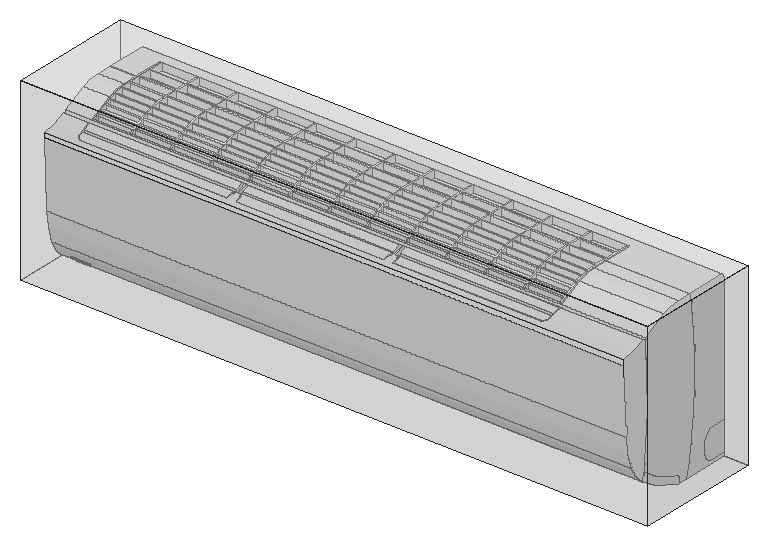
Revit family "outputfile", category 機械設備, Revit 2024
Family settings
  丸型コネクタ寸法 = 半径を使用
  パーツ タイプ = 標準
  OmniClass 番号 = 23.75.10.24.21.27.27
  OmniClass タイトル = Split System Air Conditioning Units
  作業面ベース = いいえ
  常に垂直 = はい
  ロード時にボイドで切り取り = いいえ
  注釈の向きを維持 = いいえ
  共有 = いいえ
  部屋計算ポイント = いいえ
Parameters (values of type "FTKM85PAVMA")
  Description = ""
  製造元 = "Daikin"
  書き出し IFC クラス(タイプ) = "IfcUnitaryEquipmentType"
  定義済み IFC タイプ(タイプ) = "AIRCONDITIONINGUNIT"
  Cost = 0
  モデル = "FTKM85PAVMA"
  Type Comments = ""
  Keynote = ""
  Type Image = (empty or 0)
  Assembly Code = ""
  switch_frequency = yes
  r_Liquid Pipe Size = Liquid Pipe Size / 2  # 3.2 mm
  r_Gas Pipe Size = Gas Pipe Size / 2  # 7.95 mm
  r_Drain Pipe Size = Drain Pipe Size / 2  # 8.0 mm
  lw_powersupply [instance] = if(Left Connection_refrigerant, 389.0 mm, if(Right Connection_refrigerant, 389.0 mm, if(or(Rear Left Connection_refrigerant, Bottom Left Connection_refrigerant), 1120.0 mm, 105.0 mm)))  # 389.0 mm
  lw_liquidpipe [instance] = if(Left Connection_refrigerant, 549.0 mm, if(Right Connection_refrigerant, 549.0 mm, if(or(Rear Left Connection_refrigerant, Bottom Left Connection_refrigerant), 1135.0 mm, 85.0 mm)))  # 549.0 mm
  lw_gaspipe [instance] = if(Left Connection_refrigerant, 489.0 mm, if(Right Connection_refrigerant, 489.0 mm, if(or(Rear Left Connection_refrigerant, Bottom Left Connection_refrigerant), 1150.0 mm, 70.0 mm)))  # 489.0 mm
  lw_drainpipe [instance] = if(Left Connection_refrigerant, 554.0 mm, if(Right Connection_refrigerant, 554.0 mm, if(or(Rear Left Connection_refrigerant, Bottom Left Connection_refrigerant), 1120.0 mm, 105.0 mm)))  # 554.0 mm
  l_powersupply_length [instance] = if(Right Connection_refrigerant, 389.0 mm, if(Left Connection_refrigerant, 811.0 mm, if(or(Rear Left Connection_refrigerant, Rear Right Connection_refrigerant), 15.0 mm, 50.0 mm)))  # 389.0 mm
  l_liquidpipe_length [instance] = if(Right Connection_refrigerant, 549.0 mm, if(Left Connection_refrigerant, 651.0 mm, if(or(Rear Left Connection_refrigerant, Rear Right Connection_refrigerant), 30.0 mm, 40.0 mm)))  # 549.0 mm
  l_gaspipe_length [instance] = if(Right Connection_refrigerant, 489.0 mm, if(Left Connection_refrigerant, 711.0 mm, if(or(Rear Left Connection_refrigerant, Rear Right Connection_refrigerant), 15.0 mm, 25.0 mm)))  # 489.0 mm
  l_drainpipe_length [instance] = if(Right Connection_refrigerant, 554.0 mm, if(Left Connection_refrigerant, 646.0 mm, if(or(Rear Left Connection_refrigerant, Rear Right Connection_refrigerant), 35.0 mm, 30.0 mm)))  # 554.0 mm
  h*** = 0.0 mm  # constant formula
  connector_voltage = Voltage_50Hz  # 230 V
  connector_powerinput = [Power Input (Cooling)]  # 0.000 kW
  connector_phase = Phase_50Hz  # 1
  angle_vertical [instance] = if(or(Bottom Left Connection_refrigerant, Bottom Right Connection_refrigerant), 0.00°, 90.00°)  # 90.00°
  angle_horizontal [instance] = if(Right Connection_refrigerant, 90.00°, if(Left Connection_refrigerant, -90.00°, if(or(Rear Left Connection_refrigerant, Rear Right Connection_refrigerant), 180.00°, 0.00°)))  # 90.00°
  Width = 1200.0 mm
  Voltage_comment_50Hz = "220 - 240"
  Voltage_50Hz = 230 V
  Version = "ver.1.0"
  Unit Type = "Wall Mounted"
  Unit Mass Weight = 17.00 kg
  Unit Designation [instance] = ""
  Uniclass2015Version = "Products v1.30"
  Uniclass2015Title = "Split coil room air conditioning units"
  Uniclass2015Code = "Pr_70_65_03_86"
  URL = ""
  Total Cooling Capacity [instance] = 0.000 kW
  Sound Pressure Level_M speed (dBA) = 47
  Sound Pressure Level_L speed (dBA) = 41
  Sound Pressure Level_H speed (dBA) = 51
  Sound Power Level_H speed (dB) = 0
  Series = "Single Split_Fan Coil Unit"
  Sensible Cooling Capacity [instance] = 0.000 kW
  Refrigerant Type = "R32"
  Power Input (Cooling) = 0.000 kW
  Phase_50Hz = 1
  Option Accessory 3 [instance] = ""
  Option Accessory 2 [instance] = ""
  Option Accessory 1 [instance] = ""
  Nominal Cooling Capacity = 8.500 kW
  Minimum Circuit Amps_50Hz = 0.0 A
  Minimum Airflow = 936.00 m³/h
  Median Airflow = 1120.00 m³/h
  Maximum Fuse Amps_50Hz = 0.0 A
  Maximum Airflow = 1300.00 m³/h
  Material_Casing = DAIKIN_PureWhite_Casing_indoorunit
  Load Classification = HVAC
  Liquid Pipe Size = 6.4 mm
  Link_Nested Family [instance] = ""
  IfcVersion = ""
  IfcExportType = "AIRCONDITIONINGUNIT"
  IfcExportAs = "IfcUnitaryEquipmentType"
  Height = 340.0 mm
  Heat Exchanger Type = "Cross Fin Coil"
  Gas Pipe Size = 15.9 mm
  Frequency_50Hz = 50 Hz
  Fan Type = "Cross Flow Fan"
  Fan Drive = "Direct Drive"
  FCU Tag No. [instance] = ""
  Drain Pipe Size = 16.0 mm
  Design Supply Airflow [instance] = 0.00 m³/h
  Depth = 259.0 mm
  既定の高さ = 0.0 mm
  Cooling Entering Wet Bulb Temperature [instance] = 0.00 °C
  Cooling Entering Dry Bulb Temperature [instance] = 0.00 °C
  Cooling Ambient Wet Bulb Temperature [instance] = 0.00 °C
  Cooling Ambient Dry Bulb Temperature [instance] = 0.00 °C
  Clearance visibility [instance] = yes
  Clearance Top = 30.0 mm
  Clearance Right = 50.0 mm
  Clearance Rear = 0.0 mm
  Clearance Left = 50.0 mm
  Clearance Front = 0.0 mm
  Clearance Bottom = 0.0 mm
  Bottom Right Connection_refrigerant [instance] = no
  Bottom Left Connection_refrigerant [instance] = no
  Rear Right Connection_refrigerant [instance] = no
  Rear Left Connection_refrigerant [instance] = no
  Right Connection_refrigerant [instance] = yes
  Left Connection_refrigerant [instance] = no
Reference planes
  plane 1 "Back": y = 0
  plane 2: z = 0
  plane 3 "Center (Left/Right)": x = 0
  plane 4 "Center (Front/Back)": y = -129.5
  plane 5 "Front": y = -259
  plane 6 "Left": x = -600
  plane 7 "Right": x = 600
  plane 8 "Top": z = 0
  plane 9 "Bottom": z = -340
  plane 10: x = -650
  plane 11: z = -340
  plane 12 "ld_drainpipe": y = -15
  plane 13 "ld_liquidpipe": y = -30
  plane 14: x = 111
  plane 15: x = 51
  plane 16: x = 46
  plane 17: z = 30
  plane 18: x = 650
  plane 19: y = 0
  plane 20: y = -259
  plane 21: x = 211
  plane 22: x = 511
  plane 23: y = -35
Forms (mm)
  Extrusion 1, solid, material "DAIKIN_PureWhite_Casing_indoorunit" <- "Material_Casing"
    sketch origin (0, 0, 0) x (1, 0, 0) y (0, 0, 1)
      loop
        circle (511, -295) r 40
      loop
        circle (-535, -295) r 40
    from 0 to 5
  Extrusion 2, solid, material "DAIKIN_PureWhite_Casing_indoorunit" <- "Material_Casing"
    sketch origin (600, 1296.25, 1200) x (0, -1, 0) y (0, 0, 1)
      loop
        line (1326.25, -1472) -> (1296.25, -1472) -> (1296.25, -1532) -> (1326.25, -1532)
        arc (1326.25, -1532) -> (1340.393, -1526.142) -> (1346.25, -1512) r 20
        line (1346.25, -1512) -> (1346.25, -1492)
        arc (1346.25, -1492) -> (1340.393, -1477.858) -> (1326.25, -1472) r 20
    from 0 to 5
  Extrusion 3, solid, material "DAIKIN_PureWhite_Casing_indoorunit" <- "Material_Casing"
    sketch origin (-600, 1296.25, 1200) x (0, 1, 0) y (0, 0, 1)
      loop
        line (-1296.25, -1472) -> (-1326.25, -1472)
        arc (-1326.25, -1472) -> (-1340.393, -1477.858) -> (-1346.25, -1492) r 20
        line (-1346.25, -1492) -> (-1346.25, -1512)
        arc (-1346.25, -1512) -> (-1340.393, -1526.142) -> (-1326.25, -1532) r 20
        line (-1326.25, -1532) -> (-1296.25, -1532) -> (-1296.25, -1472)
    from 0 to 5
  Extrusion 4, solid, material "DAIKIN_PureWhite_Casing_indoorunit" <- "Material_Casing"
    sketch origin (0, 0, -340) x (-1, 0, 0) y (0, -1, 0)
      loop
        line (-481, 0) -> (-481, 30)
        arc (-481, 30) -> (-486.858, 44.142) -> (-501, 50) r 20
        line (-501, 50) -> (-521, 50)
        arc (-521, 50) -> (-535.142, 44.142) -> (-541, 30) r 20
        line (-541, 30) -> (-541, 0) -> (-481, 0)
      loop
        line (565, 0) -> (565, 30)
        arc (565, 30) -> (559.142, 44.142) -> (545, 50) r 20
        line (545, 50) -> (525, 50)
        arc (525, 50) -> (510.858, 44.142) -> (505, 30) r 20
        line (505, 30) -> (505, 0) -> (565, 0)
    from 0 to 5
  Extrusion 5, solid, material "DAIKIN_PureWhite_Casing_indoorunit" <- "Material_Casing"
    sketch origin (-600, 1296.25, 1200) x (0, 1, 0) y (0, 0, 1)
      loop
        arc (-1384.085, -1200) -> (-1382.584, -1209.393) -> (-1381.156, -1218.797) r 1217.3
        arc (-1381.156, -1218.797) -> (-1378.93, -1237.783) -> (-1376.836, -1256.785) r 2738.4
        arc (-1376.836, -1256.785) -> (-1376.212, -1263.453) -> (-1375.66, -1270.127) r 616.9
        arc (-1375.66, -1270.127) -> (-1373.897, -1298.249) -> (-1372.816, -1326.405) r 1161.9
        arc (-1372.816, -1326.405) -> (-1372.551, -1347.31) -> (-1372.774, -1368.215) r 895.6
        arc (-1372.774, -1368.215) -> (-1373.847, -1397.407) -> (-1375.67, -1426.561) r 1135.9
        arc (-1375.67, -1426.561) -> (-1375.876, -1428.629) -> (-1376.05, -1430.7) r 137.566
        line (-1376.05, -1430.7) -> (-1376.748, -1437.825)
        arc (-1376.748, -1437.825) -> (-1376.846, -1438.875) -> (-1376.947, -1439.926) r 581.3
        arc (-1376.947, -1439.926) -> (-1378.672, -1455.935) -> (-1380.558, -1471.925) r 1594.373
        line (-1380.558, -1471.925) -> (-1381.15, -1476.7) -> (-1382.29, -1485.103)
        arc (-1382.29, -1485.103) -> (-1384.162, -1497.489) -> (-1386.134, -1509.86) r 1546.6
        arc (-1386.134, -1509.86) -> (-1388.869, -1524.943) -> (-1391.741, -1540) r 1684.8
        line (-1391.741, -1540) -> (-1296.25, -1540) -> (-1296.25, -1208) -> (-1301.25, -1200) -> (-1384.085, -1200)
    from 0 to 1200
  Extrusion 6, solid, material "DAIKIN_PureWhite_Casing_indoorunit" <- "Material_Casing"
    sketch origin (-600, 1296.25, 1200) x (0, 1, 0) y (0, 0, 1)
      loop
        arc (-1414.55, -1200) -> (-1434.024, -1201.914) -> (-1452.752, -1207.585) r 100
        arc (-1452.752, -1207.585) -> (-1476.474, -1218.33) -> (-1499.225, -1231) r 314.805
        line (-1499.225, -1231) -> (-1502.28, -1239.145)
        arc (-1502.28, -1239.145) -> (-1495.253, -1346.307) -> (-1501.778, -1453.5) r 851
        line (-1501.778, -1453.5) -> (-1501.982, -1455.13)
        arc (-1501.982, -1455.13) -> (-1503.516, -1466.618) -> (-1505.205, -1478.084) r 851
        arc (-1505.205, -1478.084) -> (-1474.895, -1497.904) -> (-1442.314, -1513.717) r 284.7
        arc (-1442.314, -1513.717) -> (-1431.603, -1517.85) -> (-1420.733, -1521.548) r 284.8
        arc (-1420.733, -1521.548) -> (-1416.044, -1524.921) -> (-1414.25, -1530.411) r 9.3
        line (-1414.25, -1530.411) -> (-1414.25, -1539.117)
        arc (-1414.25, -1539.117) -> (-1412.616, -1539.563) -> (-1410.98, -1540) r 299.8
        line (-1410.98, -1540) -> (-1391.741, -1540)
        arc (-1391.741, -1540) -> (-1389.65, -1529.113) -> (-1387.631, -1518.212) r 1684.8
        line (-1387.631, -1518.212) -> (-1386.731, -1513.212) -> (-1385.002, -1502.84)
        arc (-1385.002, -1502.84) -> (-1383.621, -1493.975) -> (-1382.29, -1485.103) r 1546.6
        line (-1382.29, -1485.103) -> (-1381.15, -1476.7) -> (-1380.558, -1471.925)
        arc (-1380.558, -1471.925) -> (-1378.672, -1455.935) -> (-1376.947, -1439.926) r 1594.373
        arc (-1376.947, -1439.926) -> (-1376.846, -1438.875) -> (-1376.75, -1437.8) r 581.3
        line (-1376.75, -1437.8) -> (-1376.05, -1430.7)
        arc (-1376.05, -1430.7) -> (-1375.876, -1428.629) -> (-1375.67, -1426.561) r 137.566
        arc (-1375.67, -1426.561) -> (-1373.847, -1397.407) -> (-1372.774, -1368.215) r 1135.9
        arc (-1372.774, -1368.215) -> (-1372.551, -1347.31) -> (-1372.816, -1326.405) r 895.6
        arc (-1372.816, -1326.405) -> (-1373.897, -1298.249) -> (-1375.66, -1270.127) r 1161.9
        arc (-1375.66, -1270.127) -> (-1376.212, -1263.453) -> (-1376.836, -1256.785) r 616.9
        arc (-1376.836, -1256.785) -> (-1378.693, -1239.872) -> (-1380.655, -1222.971) r 2738.4
        arc (-1380.655, -1222.971) -> (-1381.22, -1218.629) -> (-1381.831, -1214.293) r 417.8
        arc (-1381.831, -1214.293) -> (-1382.937, -1207.143) -> (-1384.085, -1200) r 1217.3
        line (-1384.085, -1200) -> (-1414.55, -1200)
    from 0 to 1200
  Extrusion 7, solid, material "DAIKIN_PureWhite_Casing_indoorunit" <- "Material_Casing"
    sketch origin (-600, 1296.25, 1200) x (0, 1, 0) y (0, 0, 1)
      loop
        arc (-1507.93, -1494.658) -> (-1478.905, -1512.844) -> (-1447.994, -1527.6) r 299.7
        arc (-1447.994, -1527.6) -> (-1431.293, -1533.86) -> (-1414.25, -1539.117) r 299.8
        line (-1414.25, -1539.117) -> (-1414.25, -1530.411)
        arc (-1414.25, -1530.411) -> (-1416.044, -1524.921) -> (-1420.733, -1521.548) r 9.3
        arc (-1420.733, -1521.548) -> (-1431.603, -1517.85) -> (-1442.314, -1513.717) r 284.8
        arc (-1442.314, -1513.717) -> (-1474.895, -1497.904) -> (-1505.205, -1478.084) r 284.7
        arc (-1505.205, -1478.084) -> (-1506.527, -1486.377) -> (-1507.93, -1494.658) r 851
    from 0 to 1200
  Extrusion 8, void
    sketch origin (-600, 1296.25, 1200) x (0, 1, 0) y (0, 0, 1)
      loop
        line (-1414.25, -1544.301) -> (-1414.25, -1530.411)
        arc (-1414.25, -1530.411) -> (-1416.044, -1524.921) -> (-1420.733, -1521.548) r 9.3
        arc (-1420.733, -1521.548) -> (-1431.603, -1517.85) -> (-1442.314, -1513.717) r 284.8
        arc (-1442.314, -1513.717) -> (-1474.895, -1497.904) -> (-1505.205, -1478.084) r 284.7
        arc (-1505.205, -1478.084) -> (-1506.979, -1489.099) -> (-1508.897, -1500.091) r 851
        arc (-1508.897, -1500.091) -> (-1480.28, -1517.791) -> (-1449.887, -1532.228) r 304.7
        arc (-1449.887, -1532.228) -> (-1432.255, -1538.815) -> (-1414.25, -1544.301) r 304.8
    from 47 to 1024
  Extrusion 9, solid, material "DAIKIN_PureWhite_Casing_indoorunit" <- "Material_Casing"
    sketch origin (-600, 1296.25, 1100) x (0, 1, 0) y (0, 0, 1)
      loop
        arc (-1507.885, -1394.678) -> (-1486.868, -1408.302) -> (-1464.786, -1420.124) r 299.701
        line (-1464.786, -1420.124) -> (-1458.696, -1407.518)
        arc (-1458.696, -1407.518) -> (-1482.692, -1394.492) -> (-1505.335, -1379.235) r 285.7
        arc (-1505.335, -1379.235) -> (-1506.574, -1386.963) -> (-1507.885, -1394.678) r 851.024
      loop
        arc (-1448.076, -1427.563) -> (-1441.661, -1430.104) -> (-1435.19, -1432.496) r 299.8
        line (-1435.19, -1432.496) -> (-1430.487, -1419.314)
        arc (-1430.487, -1419.314) -> (-1444.37, -1413.95) -> (-1457.955, -1407.87) r 285.8
        line (-1457.955, -1407.87) -> (-1464.006, -1420.505)
        arc (-1464.006, -1420.505) -> (-1456.092, -1424.15) -> (-1448.076, -1427.563) r 299.705
    from 52 to 1019
  Extrusion 10, solid, material "DAIKIN_PureWhite_Casing_indoorunit" <- "Material_Casing"
    sketch origin (-600, 1296.25, 1200) x (0, 1, 0) y (0, 0, 1)
      loop
        arc (-1507.918, -1494.588) -> (-1495.467, -1367.485) -> (-1502.176, -1239.949) r 851
        arc (-1502.176, -1239.949) -> (-1502.486, -1237.562) -> (-1502.803, -1235.176) r 851
        line (-1502.803, -1235.176) -> (-1504.147, -1234)
        arc (-1504.147, -1234) -> (-1529.2, -1243.032) -> (-1555.25, -1248.565) r 195
        line (-1555.25, -1248.565) -> (-1555.25, -1258.08)
        arc (-1555.25, -1258.08) -> (-1553.575, -1326.437) -> (-1549.278, -1394.679) r 1781.946
        arc (-1549.278, -1394.679) -> (-1544.581, -1427.054) -> (-1535.917, -1458.6) r 264.022
        arc (-1535.917, -1458.6) -> (-1524.928, -1478.936) -> (-1507.918, -1494.588) r 70.049
    from 0 to 1200
  Extrusion 11, void
    sketch origin (-600, 1296.25, 1200) x (0, 1, 0) y (0, 0, 1)
      loop
        line (-1496.75, -1223.686) -> (-1496.75, -1247.152)
        arc (-1496.75, -1247.152) -> (-1472.513, -1233.15) -> (-1447.076, -1221.469) r 299.805
        arc (-1447.076, -1221.469) -> (-1431.132, -1216.633) -> (-1414.55, -1215) r 85
        line (-1414.55, -1215) -> (-1324.05, -1215) -> (-1324.05, -1195) -> (-1414.55, -1195)
        arc (-1414.55, -1195) -> (-1434.988, -1197.008) -> (-1454.644, -1202.956) r 105
        arc (-1454.644, -1202.956) -> (-1476.078, -1212.547) -> (-1496.75, -1223.686) r 319.805
    from 53 to 1025
  Extrusion 12, solid, material "DAIKIN_PureWhite_Casing_indoorunit" <- "Material_Casing"
    sketch origin (-600, 1296.25, 1200) x (0, 1, 0) y (0, 0, 1)
      loop
        line (-1324.05, -1200) -> (-1414.55, -1200)
        arc (-1414.55, -1200) -> (-1434.024, -1201.914) -> (-1452.752, -1207.585) r 100
        arc (-1452.752, -1207.585) -> (-1475.18, -1217.682) -> (-1496.75, -1229.5) r 314.805
        line (-1496.75, -1229.5) -> (-1496.75, -1247.152)
        arc (-1496.75, -1247.152) -> (-1472.513, -1233.15) -> (-1447.076, -1221.469) r 299.805
        arc (-1447.076, -1221.469) -> (-1431.132, -1216.633) -> (-1414.55, -1215) r 85
        line (-1414.55, -1215) -> (-1324.05, -1215) -> (-1324.05, -1200)
    from 53 to 1025
  Extrusion 13, void
    sketch origin (0, 0, 770.025) x (-1, 0, 0) y (0, -1, 0)
      loop
        arc (546.513, 235.15) -> (542.989, 242.307) -> (535.554, 245.2) r 11
        line (535.554, 245.2) -> (233.402, 245.2) -> (233.402, 231.7) -> (230.402, 231.7) -> (230.402, 227.2) -> (225.152, 227.2) -> (225.152, 206.552) -> (550.37, 206.552)
        arc (550.37, 206.552) -> (549.357, 206.947) -> (548.876, 207.923) r 1.5
        line (548.876, 207.923) -> (546.513, 235.15)
      loop
        arc (-413.554, 245.2) -> (-420.989, 242.307) -> (-424.513, 235.15) r 11
        line (-424.513, 235.15) -> (-426.876, 207.923)
        arc (-426.876, 207.923) -> (-427.357, 206.947) -> (-428.371, 206.552) r 1.5
        line (-428.371, 206.552) -> (-102.848, 206.552) -> (-102.848, 227.2) -> (-108.098, 227.2) -> (-108.098, 231.7) -> (-111.098, 231.7) -> (-111.098, 245.2) -> (-413.554, 245.2)
      loop
        line (222.652, 206.552) -> (222.652, 227.2) -> (217.402, 227.2) -> (217.402, 231.7) -> (214.402, 231.7) -> (214.402, 245.2) -> (-92.098, 245.2) -> (-92.098, 231.7) -> (-95.098, 231.7) -> (-95.098, 227.2) -> (-100.348, 227.2) -> (-100.348, 206.552) -> (222.652, 206.552)
    from -820.404 to -800.025
  Extrusion 14, solid, material "DAIKIN_PureWhite_Casing_indoorunit" <- "Material_Casing"
    sketch origin (0, 0, 820.025) x (-1, 0, 0) y (0, -1, 0)
      loop
        arc (546.513, 235.15) -> (542.989, 242.307) -> (535.554, 245.2) r 11
        line (535.554, 245.2) -> (233.402, 245.2) -> (233.402, 231.7) -> (230.402, 231.7) -> (230.402, 227.2) -> (547.202, 227.2) -> (546.513, 235.15)
      loop
        arc (-413.554, 245.2) -> (-420.989, 242.307) -> (-424.513, 235.15) r 11
        line (-424.513, 235.15) -> (-425.202, 227.2) -> (-108.098, 227.2) -> (-108.098, 231.7) -> (-111.098, 231.7) -> (-111.098, 245.2) -> (-413.554, 245.2)
      loop
        line (548.876, 207.897) -> (547.566, 223) -> (230.402, 223) -> (230.402, 206.552) -> (550.37, 206.552)
        arc (550.37, 206.552) -> (549.357, 206.947) -> (548.876, 207.897) r 1.5
      loop
        line (-108.098, 206.552) -> (-108.098, 223) -> (-425.567, 223) -> (-426.876, 207.923)
        arc (-426.876, 207.923) -> (-427.357, 206.947) -> (-428.371, 206.552) r 1.5
        line (-428.371, 206.552) -> (-108.098, 206.552)
      loop
        line (217.402, 206.552) -> (217.402, 223) -> (-95.098, 223) -> (-95.098, 206.552) -> (217.402, 206.552)
      loop
        line (214.402, 245.2) -> (-92.098, 245.2) -> (-92.098, 231.7) -> (-95.098, 231.7) -> (-95.098, 227.2) -> (217.402, 227.2) -> (217.402, 231.7) -> (214.402, 231.7) -> (214.402, 245.2)
    from -869.974 to -850.025
  Extrusion 15, void
    sketch origin (-600, 1296.25, 1200) x (0, 1, 0) y (0, 0, 1)
      loop
        line (-1504.147, -1234) -> (-1502.803, -1235.176) -> (-1502.803, -1226.787) -> (-1541.45, -1226.787) -> (-1541.45, -1246.098)
        arc (-1541.45, -1246.098) -> (-1522.494, -1240.989) -> (-1504.147, -1234) r 195
    from 42.955 to 1056.244
  Extrusion 16, void
    sketch origin (2000, -3000, 770.025) x (-1, 0, 0) y (0, -1, 0)
      loop
        line (2469.102, -2972.2) -> (2543, -2972.2) -> (2543, -2944.306) -> (2469.102, -2944.306) -> (2469.102, -2972.2)
      loop
        line (2469.102, -2806.638) -> (2543, -2806.638) -> (2543, -2799.5) -> (2469.102, -2799.5) -> (2469.102, -2806.638)
      loop
        line (2469.102, -2816.646) -> (2543, -2816.646) -> (2543, -2809.343) -> (2469.102, -2809.343) -> (2469.102, -2816.646)
      loop
        line (2469.102, -2827.654) -> (2543, -2827.654) -> (2543, -2819.336) -> (2469.102, -2819.336) -> (2469.102, -2827.654)
      loop
        line (2469.102, -2838.661) -> (2543, -2838.661) -> (2543, -2830.33) -> (2469.102, -2830.33) -> (2469.102, -2838.661)
      loop
        line (2469.102, -2852.675) -> (2543, -2852.675) -> (2543, -2841.325) -> (2469.102, -2841.325) -> (2469.102, -2852.675)
      loop
        line (2469.102, -2868.69) -> (2543, -2868.69) -> (2543, -2855.314) -> (2469.102, -2855.314) -> (2469.102, -2868.69)
      loop
        line (2469.102, -2889.694) -> (2543, -2889.694) -> (2543, -2871.306) -> (2469.102, -2871.306) -> (2469.102, -2889.694)
      loop
        line (2469.102, -2913.694) -> (2543, -2913.694) -> (2543, -2892.306) -> (2469.102, -2892.306) -> (2469.102, -2913.694)
      loop
        line (2469.102, -2941.694) -> (2543, -2941.694) -> (2543, -2916.306) -> (2469.102, -2916.306) -> (2469.102, -2941.694)
      loop
        line (2387.902, -2972.2) -> (2466.102, -2972.2) -> (2466.102, -2944.306) -> (2387.902, -2944.306) -> (2387.902, -2972.2)
      loop
        line (2387.902, -2806.638) -> (2466.102, -2806.638) -> (2466.102, -2799.5) -> (2387.902, -2799.5) -> (2387.902, -2806.638)
      loop
        line (2387.902, -2816.646) -> (2466.102, -2816.646) -> (2466.102, -2809.343) -> (2387.902, -2809.343) -> (2387.902, -2816.646)
      loop
        line (2387.902, -2827.654) -> (2466.102, -2827.654) -> (2466.102, -2819.336) -> (2387.902, -2819.336) -> (2387.902, -2827.654)
      loop
        line (2387.902, -2838.661) -> (2466.102, -2838.661) -> (2466.102, -2830.33) -> (2387.902, -2830.33) -> (2387.902, -2838.661)
      loop
        line (2387.902, -2852.675) -> (2466.102, -2852.675) -> (2466.102, -2841.325) -> (2387.902, -2841.325) -> (2387.902, -2852.675)
      loop
        line (2387.902, -2868.69) -> (2466.102, -2868.69) -> (2466.102, -2855.314) -> (2387.902, -2855.314) -> (2387.902, -2868.69)
      loop
        line (2387.902, -2889.694) -> (2466.102, -2889.694) -> (2466.102, -2871.306) -> (2387.902, -2871.306) -> (2387.902, -2889.694)
      loop
        line (2387.902, -2913.694) -> (2466.102, -2913.694) -> (2466.102, -2892.306) -> (2387.902, -2892.306) -> (2387.902, -2913.694)
      loop
        line (2387.902, -2941.694) -> (2466.102, -2941.694) -> (2466.102, -2916.306) -> (2387.902, -2916.306) -> (2387.902, -2941.694)
      loop
        line (2225.152, -2972.2) -> (2303.702, -2972.2) -> (2303.702, -2944.306) -> (2225.152, -2944.306) -> (2225.152, -2972.2)
      loop
        line (2225.152, -2806.638) -> (2303.702, -2806.638) -> (2303.702, -2799.5) -> (2225.152, -2799.5) -> (2225.152, -2806.638)
      loop
        line (2225.152, -2816.646) -> (2303.702, -2816.646) -> (2303.702, -2809.343) -> (2225.152, -2809.343) -> (2225.152, -2816.646)
      loop
        line (2225.152, -2827.654) -> (2303.702, -2827.654) -> (2303.702, -2819.336) -> (2225.152, -2819.336) -> (2225.152, -2827.654)
      loop
        line (2225.152, -2838.661) -> (2303.702, -2838.661) -> (2303.702, -2830.33) -> (2225.152, -2830.33) -> (2225.152, -2838.661)
      loop
        line (2225.152, -2852.675) -> (2303.702, -2852.675) -> (2303.702, -2841.325) -> (2225.152, -2841.325) -> (2225.152, -2852.675)
      loop
        line (2225.152, -2868.69) -> (2303.702, -2868.69) -> (2303.702, -2855.314) -> (2225.152, -2855.314) -> (2225.152, -2868.69)
      loop
        line (2225.152, -2889.694) -> (2303.702, -2889.694) -> (2303.702, -2871.306) -> (2225.152, -2871.306) -> (2225.152, -2889.694)
      loop
        line (2225.152, -2913.694) -> (2303.702, -2913.694) -> (2303.702, -2892.306) -> (2225.152, -2892.306) -> (2225.152, -2913.694)
      loop
        line (2225.152, -2941.694) -> (2303.702, -2941.694) -> (2303.702, -2916.306) -> (2225.152, -2916.306) -> (2225.152, -2941.694)
      loop
        line (2306.702, -2972.2) -> (2384.902, -2972.2) -> (2384.902, -2944.306) -> (2306.702, -2944.306) -> (2306.702, -2972.2)
      loop
        line (2306.702, -2806.638) -> (2384.902, -2806.638) -> (2384.902, -2799.5) -> (2306.702, -2799.5) -> (2306.702, -2806.638)
      loop
        line (2306.702, -2816.646) -> (2384.902, -2816.646) -> (2384.902, -2809.343) -> (2306.702, -2809.343) -> (2306.702, -2816.646)
      loop
        line (2306.702, -2827.654) -> (2384.902, -2827.654) -> (2384.902, -2819.336) -> (2306.702, -2819.336) -> (2306.702, -2827.654)
      loop
        line (2306.702, -2838.661) -> (2384.902, -2838.661) -> (2384.902, -2830.33) -> (2306.702, -2830.33) -> (2306.702, -2838.661)
      loop
        line (2306.702, -2852.675) -> (2384.902, -2852.675) -> (2384.902, -2841.325) -> (2306.702, -2841.325) -> (2306.702, -2852.675)
      loop
        line (2306.702, -2868.69) -> (2384.902, -2868.69) -> (2384.902, -2855.314) -> (2306.702, -2855.314) -> (2306.702, -2868.69)
      loop
        line (2306.702, -2889.694) -> (2384.902, -2889.694) -> (2384.902, -2871.306) -> (2306.702, -2871.306) -> (2306.702, -2889.694)
      loop
        line (2306.702, -2913.694) -> (2384.902, -2913.694) -> (2384.902, -2892.306) -> (2306.702, -2892.306) -> (2306.702, -2913.694)
      loop
        line (2306.702, -2941.694) -> (2384.902, -2941.694) -> (2384.902, -2916.306) -> (2306.702, -2916.306) -> (2306.702, -2941.694)
      loop
        line (2143.602, -2972.2) -> (2222.652, -2972.2) -> (2222.652, -2944.306) -> (2143.602, -2944.306) -> (2143.602, -2972.2)
      loop
        line (2143.602, -2806.638) -> (2222.652, -2806.638) -> (2222.652, -2799.5) -> (2143.602, -2799.5) -> (2143.602, -2806.638)
      loop
        line (2143.602, -2816.646) -> (2222.652, -2816.646) -> (2222.652, -2809.343) -> (2143.602, -2809.343) -> (2143.602, -2816.646)
      loop
        line (2143.602, -2827.654) -> (2222.652, -2827.654) -> (2222.652, -2819.336) -> (2143.602, -2819.336) -> (2143.602, -2827.654)
      loop
        line (2143.602, -2838.661) -> (2222.652, -2838.661) -> (2222.652, -2830.33) -> (2143.602, -2830.33) -> (2143.602, -2838.661)
      loop
        line (2143.602, -2852.675) -> (2222.652, -2852.675) -> (2222.652, -2841.325) -> (2143.602, -2841.325) -> (2143.602, -2852.675)
      loop
        line (2143.602, -2868.69) -> (2222.652, -2868.69) -> (2222.652, -2855.314) -> (2143.602, -2855.314) -> (2143.602, -2868.69)
      loop
        line (2143.602, -2889.694) -> (2222.652, -2889.694) -> (2222.652, -2871.306) -> (2143.602, -2871.306) -> (2143.602, -2889.694)
      loop
        line (2143.602, -2913.694) -> (2222.652, -2913.694) -> (2222.652, -2892.306) -> (2143.602, -2892.306) -> (2143.602, -2913.694)
      loop
        line (2143.602, -2941.694) -> (2222.652, -2941.694) -> (2222.652, -2916.306) -> (2143.602, -2916.306) -> (2143.602, -2941.694)
      loop
        line (2062.402, -2972.2) -> (2140.602, -2972.2) -> (2140.602, -2944.306) -> (2062.402, -2944.306) -> (2062.402, -2972.2)
      loop
        line (2062.402, -2806.638) -> (2140.602, -2806.638) -> (2140.602, -2799.5) -> (2062.402, -2799.5) -> (2062.402, -2806.638)
      loop
        line (2062.402, -2816.646) -> (2140.602, -2816.646) -> (2140.602, -2809.343) -> (2062.402, -2809.343) -> (2062.402, -2816.646)
      loop
        line (2062.402, -2827.654) -> (2140.602, -2827.654) -> (2140.602, -2819.336) -> (2062.402, -2819.336) -> (2062.402, -2827.654)
      loop
        line (2062.402, -2838.661) -> (2140.602, -2838.661) -> (2140.602, -2830.33) -> (2062.402, -2830.33) -> (2062.402, -2838.661)
      loop
        line (2062.402, -2852.675) -> (2140.602, -2852.675) -> (2140.602, -2841.325) -> (2062.402, -2841.325) -> (2062.402, -2852.675)
      loop
        line (2062.402, -2868.69) -> (2140.602, -2868.69) -> (2140.602, -2855.314) -> (2062.402, -2855.314) -> (2062.402, -2868.69)
      loop
        line (2062.402, -2889.694) -> (2140.602, -2889.694) -> (2140.602, -2871.306) -> (2062.402, -2871.306) -> (2062.402, -2889.694)
      loop
        line (2062.402, -2913.694) -> (2140.602, -2913.694) -> (2140.602, -2892.306) -> (2062.402, -2892.306) -> (2062.402, -2913.694)
      loop
        line (2062.402, -2941.694) -> (2140.602, -2941.694) -> (2140.602, -2916.306) -> (2062.402, -2916.306) -> (2062.402, -2941.694)
      loop
        line (1981.202, -2972.2) -> (2059.402, -2972.2) -> (2059.402, -2944.306) -> (1981.202, -2944.306) -> (1981.202, -2972.2)
      loop
        line (1981.202, -2806.638) -> (2059.402, -2806.638) -> (2059.402, -2799.5) -> (1981.202, -2799.5) -> (1981.202, -2806.638)
      loop
        line (1981.202, -2816.646) -> (2059.402, -2816.646) -> (2059.402, -2809.343) -> (1981.202, -2809.343) -> (1981.202, -2816.646)
      loop
        line (1981.202, -2827.654) -> (2059.402, -2827.654) -> (2059.402, -2819.336) -> (1981.202, -2819.336) -> (1981.202, -2827.654)
      loop
        line (1981.202, -2838.661) -> (2059.402, -2838.661) -> (2059.402, -2830.33) -> (1981.202, -2830.33) -> (1981.202, -2838.661)
      loop
        line (1981.202, -2852.675) -> (2059.402, -2852.675) -> (2059.402, -2841.325) -> (1981.202, -2841.325) -> (1981.202, -2852.675)
      loop
        line (1981.202, -2868.69) -> (2059.402, -2868.69) -> (2059.402, -2855.314) -> (1981.202, -2855.314) -> (1981.202, -2868.69)
      loop
        line (1981.202, -2889.694) -> (2059.402, -2889.694) -> (2059.402, -2871.306) -> (1981.202, -2871.306) -> (1981.202, -2889.694)
      loop
        line (1981.202, -2913.694) -> (2059.402, -2913.694) -> (2059.402, -2892.306) -> (1981.202, -2892.306) -> (1981.202, -2913.694)
      loop
        line (1981.202, -2941.694) -> (2059.402, -2941.694) -> (2059.402, -2916.306) -> (1981.202, -2916.306) -> (1981.202, -2941.694)
      loop
        line (1899.652, -2972.2) -> (1978.202, -2972.2) -> (1978.202, -2944.306) -> (1899.652, -2944.306) -> (1899.652, -2972.2)
      loop
        line (1899.652, -2806.638) -> (1978.202, -2806.638) -> (1978.202, -2799.5) -> (1899.652, -2799.5) -> (1899.652, -2806.638)
      loop
        line (1899.652, -2816.646) -> (1978.202, -2816.646) -> (1978.202, -2809.343) -> (1899.652, -2809.343) -> (1899.652, -2816.646)
      loop
        line (1899.652, -2827.654) -> (1978.202, -2827.654) -> (1978.202, -2819.336) -> (1899.652, -2819.336) -> (1899.652, -2827.654)
      loop
        line (1899.652, -2838.661) -> (1978.202, -2838.661) -> (1978.202, -2830.33) -> (1899.652, -2830.33) -> (1899.652, -2838.661)
      loop
        line (1899.652, -2852.675) -> (1978.202, -2852.675) -> (1978.202, -2841.325) -> (1899.652, -2841.325) -> (1899.652, -2852.675)
      loop
        line (1899.652, -2868.69) -> (1978.202, -2868.69) -> (1978.202, -2855.314) -> (1899.652, -2855.314) -> (1899.652, -2868.69)
      loop
        line (1899.652, -2889.694) -> (1978.202, -2889.694) -> (1978.202, -2871.306) -> (1899.652, -2871.306) -> (1899.652, -2889.694)
      loop
        line (1899.652, -2913.694) -> (1978.202, -2913.694) -> (1978.202, -2892.306) -> (1899.652, -2892.306) -> (1899.652, -2913.694)
      loop
        line (1899.652, -2941.694) -> (1978.202, -2941.694) -> (1978.202, -2916.306) -> (1899.652, -2916.306) -> (1899.652, -2941.694)
      loop
        line (1818.102, -2972.2) -> (1897.152, -2972.2) -> (1897.152, -2944.306) -> (1818.102, -2944.306) -> (1818.102, -2972.2)
      loop
        line (1818.102, -2806.638) -> (1897.152, -2806.638) -> (1897.152, -2799.5) -> (1818.102, -2799.5) -> (1818.102, -2806.638)
      loop
        line (1818.102, -2816.646) -> (1897.152, -2816.646) -> (1897.152, -2809.343) -> (1818.102, -2809.343) -> (1818.102, -2816.646)
      loop
        line (1818.102, -2827.654) -> (1897.152, -2827.654) -> (1897.152, -2819.336) -> (1818.102, -2819.336) -> (1818.102, -2827.654)
      loop
        line (1818.102, -2838.661) -> (1897.152, -2838.661) -> (1897.152, -2830.33) -> (1818.102, -2830.33) -> (1818.102, -2838.661)
      loop
        line (1818.102, -2852.675) -> (1897.152, -2852.675) -> (1897.152, -2841.325) -> (1818.102, -2841.325) -> (1818.102, -2852.675)
      loop
        line (1818.102, -2868.69) -> (1897.152, -2868.69) -> (1897.152, -2855.314) -> (1818.102, -2855.314) -> (1818.102, -2868.69)
      loop
        line (1818.102, -2889.694) -> (1897.152, -2889.694) -> (1897.152, -2871.306) -> (1818.102, -2871.306) -> (1818.102, -2889.694)
      loop
        line (1818.102, -2913.694) -> (1897.152, -2913.694) -> (1897.152, -2892.306) -> (1818.102, -2892.306) -> (1818.102, -2913.694)
      loop
        line (1818.102, -2941.694) -> (1897.152, -2941.694) -> (1897.152, -2916.306) -> (1818.102, -2916.306) -> (1818.102, -2941.694)
      loop
        line (1736.902, -2972.2) -> (1815.102, -2972.2) -> (1815.102, -2944.306) -> (1736.902, -2944.306) -> (1736.902, -2972.2)
      loop
        line (1736.902, -2806.638) -> (1815.102, -2806.638) -> (1815.102, -2799.5) -> (1736.902, -2799.5) -> (1736.902, -2806.638)
      loop
        line (1736.902, -2816.646) -> (1815.102, -2816.646) -> (1815.102, -2809.343) -> (1736.902, -2809.343) -> (1736.902, -2816.646)
      loop
        line (1736.902, -2827.654) -> (1815.102, -2827.654) -> (1815.102, -2819.336) -> (1736.902, -2819.336) -> (1736.902, -2827.654)
      loop
        line (1736.902, -2838.661) -> (1815.102, -2838.661) -> (1815.102, -2830.33) -> (1736.902, -2830.33) -> (1736.902, -2838.661)
      loop
        line (1736.902, -2852.675) -> (1815.102, -2852.675) -> (1815.102, -2841.325) -> (1736.902, -2841.325) -> (1736.902, -2852.675)
      loop
        line (1736.902, -2868.69) -> (1815.102, -2868.69) -> (1815.102, -2855.314) -> (1736.902, -2855.314) -> (1736.902, -2868.69)
      loop
        line (1736.902, -2889.694) -> (1815.102, -2889.694) -> (1815.102, -2871.306) -> (1736.902, -2871.306) -> (1736.902, -2889.694)
      loop
        line (1736.902, -2913.694) -> (1815.102, -2913.694) -> (1815.102, -2892.306) -> (1736.902, -2892.306) -> (1736.902, -2913.694)
      loop
        line (1736.902, -2941.694) -> (1815.102, -2941.694) -> (1815.102, -2916.306) -> (1736.902, -2916.306) -> (1736.902, -2941.694)
      loop
        line (1655.702, -2972.2) -> (1733.902, -2972.2) -> (1733.902, -2944.306) -> (1655.702, -2944.306) -> (1655.702, -2972.2)
      loop
        line (1655.702, -2806.638) -> (1733.902, -2806.638) -> (1733.902, -2799.5) -> (1655.702, -2799.5) -> (1655.702, -2806.638)
      loop
        line (1655.702, -2816.646) -> (1733.902, -2816.646) -> (1733.902, -2809.343) -> (1655.702, -2809.343) -> (1655.702, -2816.646)
      loop
        line (1655.702, -2827.654) -> (1733.902, -2827.654) -> (1733.902, -2819.336) -> (1655.702, -2819.336) -> (1655.702, -2827.654)
      loop
        line (1655.702, -2838.661) -> (1733.902, -2838.661) -> (1733.902, -2830.33) -> (1655.702, -2830.33) -> (1655.702, -2838.661)
      loop
        line (1655.702, -2852.675) -> (1733.902, -2852.675) -> (1733.902, -2841.325) -> (1655.702, -2841.325) -> (1655.702, -2852.675)
      loop
        line (1655.702, -2868.69) -> (1733.902, -2868.69) -> (1733.902, -2855.314) -> (1655.702, -2855.314) -> (1655.702, -2868.69)
      loop
        line (1655.702, -2889.694) -> (1733.902, -2889.694) -> (1733.902, -2871.306) -> (1655.702, -2871.306) -> (1655.702, -2889.694)
      loop
        line (1655.702, -2913.694) -> (1733.902, -2913.694) -> (1733.902, -2892.306) -> (1655.702, -2892.306) -> (1655.702, -2913.694)
      loop
        line (1655.702, -2941.694) -> (1733.902, -2941.694) -> (1733.902, -2916.306) -> (1655.702, -2916.306) -> (1655.702, -2941.694)
      loop
        line (1579, -2972.2) -> (1652.702, -2972.2) -> (1652.702, -2944.306) -> (1579, -2944.306) -> (1579, -2972.2)
      loop
        line (1579, -2806.638) -> (1652.702, -2806.638) -> (1652.702, -2799.5) -> (1579, -2799.5) -> (1579, -2806.638)
      loop
        line (1579, -2816.646) -> (1652.702, -2816.646) -> (1652.702, -2809.343) -> (1579, -2809.343) -> (1579, -2816.646)
      loop
        line (1579, -2827.654) -> (1652.702, -2827.654) -> (1652.702, -2819.336) -> (1579, -2819.336) -> (1579, -2827.654)
      loop
        line (1579, -2838.661) -> (1652.702, -2838.661) -> (1652.702, -2830.33) -> (1579, -2830.33) -> (1579, -2838.661)
      loop
        line (1579, -2852.675) -> (1652.702, -2852.675) -> (1652.702, -2841.325) -> (1579, -2841.325) -> (1579, -2852.675)
      loop
        line (1579, -2868.69) -> (1652.702, -2868.69) -> (1652.702, -2855.314) -> (1579, -2855.314) -> (1579, -2868.69)
      loop
        line (1579, -2889.694) -> (1652.702, -2889.694) -> (1652.702, -2871.306) -> (1579, -2871.306) -> (1579, -2889.694)
      loop
        line (1579, -2913.694) -> (1652.702, -2913.694) -> (1652.702, -2892.306) -> (1579, -2892.306) -> (1579, -2913.694)
      loop
        line (1579, -2941.694) -> (1652.702, -2941.694) -> (1652.702, -2916.306) -> (1579, -2916.306) -> (1579, -2941.694)
    from -762.353 to -819.974
Cuts and joins
  Extrusion 8 cuts Extrusion 7
  Extrusion 11 cuts Extrusion 5
  Extrusion 11 cuts Extrusion 6
  Extrusion 13 cuts Extrusion 10
  Extrusion 15 cuts Extrusion 14
  Extrusion 16 cuts Extrusion 12
Lines and regions (mm)
  reference lines
    curve 1: line (-523, -227.534, -280.336) -> (-523, -220.902, -287.82)
Dimensions and locks
  equal spacing: plane 6 "Left", plane 3 "Center (Left/Right)", plane 7 "Right"
  "Width": plane 6 "Left" to plane 7 "Right"
  equal spacing: plane 5 "Front", plane 4 "Center (Front/Back)", plane 1 "Back"
  "Depth": plane 5 "Front" to plane 1 "Back"
  "Height": plane 8 "Top" to plane 9 "Bottom"
  "Clearance Bottom": plane 9 "Bottom" to plane 11
  locked: plane 9 "Bottom" to Extrusion 1 sketch curve at 45  (x2)
  locked: Extrusion 1 sketch curve to plane 6 "Left" at 65
  locked: plane 7 "Right" to Extrusion 1 sketch curve at 89
  locked: plane 12 "ld_drainpipe" to plane 1 "Back" at 15
  locked: plane 1 "Back" to plane 13 "ld_liquidpipe" at 30
  Extrusion 2 sketch curve to Extrusion 2 sketch curve to plane 9 "Bottom" = 60.0 mm locked, 8.0 mm locked
  locked: Extrusion 2 sketch curve to Extrusion 2 sketch curve at 50
  locked: Extrusion 4 sketch curve to Extrusion 4 sketch curve at 60  (x2)
  locked: Extrusion 4 sketch curve to Extrusion 4 sketch curve at 50
  locked: plane 6 "Left" to Extrusion 4 sketch curve at 35
  "Clearance Left": plane 10 to plane 6 "Left"
  locked: Extrusion 4 sketch curve to plane 7 "Right" at 59
  "Clearance Top": plane 17 to plane 8 "Top"
  "Clearance Right": plane 7 "Right" to plane 18
  "Clearance Rear": plane 1 "Back" to plane 19
  "Clearance Front": plane 20 to plane 5 "Front"
  locked: plane 22 to plane 7 "Right" at 89
  "lw_powersupply": plane 21 to plane 7 "Right"
  "lw_gaspipe": plane 14 to plane 7 "Right"
  "lw_liquidpipe": plane 15 to plane 7 "Right"
  "lw_drainpipe": plane 16 to plane 7 "Right"
  locked: plane 23 to plane 1 "Back" at 35
  aligned and locked: level to plane 2
  aligned and locked: plane 10 to nested 1
  aligned and locked: plane 11 to nested 1
  aligned and locked: plane 1 "Back" to Extrusion 2 sketch curve
  aligned and locked: Extrusion 3 sketch curve to Extrusion 2  (x4)
  aligned and locked: Extrusion 4 sketch curve to Extrusion 4 sketch curve  (x2)
  aligned and locked: plane 1 "Back" to Extrusion 4 sketch curve
  aligned and locked: nested 4 to plane 13 "ld_liquidpipe"
  aligned and locked: nested 5 to plane 12 "ld_drainpipe"
  aligned and locked: level to plane 8 "Top"
  aligned and locked: Extrusion 5 to plane 6 "Left"
  aligned and locked: Extrusion 5 to plane 7 "Right"
  aligned and locked: Extrusion 6 to plane 6 "Left"
  aligned and locked: Extrusion 6 to plane 7 "Right"
  aligned and locked: Extrusion 7 to plane 6 "Left"
  aligned and locked: Extrusion 7 to plane 7 "Right"
  aligned and locked: Extrusion 10 to plane 6 "Left"
  aligned and locked: plane 7 "Right" to Extrusion 10
  aligned and locked: nested 5 to plane 14
  aligned and locked: nested 4 to plane 15
  aligned and locked: nested 3 to plane 16
  aligned and locked: plane 17 to nested 1
  aligned and locked: nested 1 to plane 18
  aligned and locked: nested 1 to plane 19
  aligned and locked: plane 20 to nested 1
  aligned and locked: nested 6 to plane 12 "ld_drainpipe"
  aligned and locked: plane 21 to nested 6
  aligned and locked: plane 23 to nested 3
Automatic sketch dimensions
  Extrusion 2 sketch curve to plane 13 "ld_liquidpipe" = 0.0 mm  (x2)
  Extrusion 4 sketch curve to plane 13 "ld_liquidpipe" = 0.0 mm  (x4)
  Extrusion 5 sketch curve to plane 9 "Bottom" = 0.0 mm
  Extrusion 5 sketch curve to level = 0.0 mm
  Extrusion 5 sketch curve to plane 1 "Back" = 0.0 mm
  plane 1 "Back" to Extrusion 5 sketch curve = 5.0 mm
  Extrusion 5 sketch curve to Extrusion 5 sketch curve = 4.508 mm
  Extrusion 5 sketch curve to Extrusion 5 sketch curve = 0.592 mm
  Extrusion 5 sketch curve to Extrusion 5 sketch curve = 1.14 mm
  Extrusion 5 sketch curve to Extrusion 5 sketch curve = 82.835 mm
  Extrusion 5 sketch curve to Extrusion 5 sketch curve = 9.451 mm
  Extrusion 5 sketch curve to Extrusion 5 sketch curve = 35.18 mm
  Extrusion 5 sketch curve to Extrusion 5 sketch curve = 277.42 mm
  Extrusion 5 sketch curve to Extrusion 5 sketch curve = 240.2 mm
  Extrusion 5 sketch curve to Extrusion 5 sketch curve = 25.965 mm
  Extrusion 5 sketch curve to Extrusion 5 sketch curve = 51.052 mm
  Extrusion 5 sketch curve to Extrusion 5 sketch curve = 327.082 mm
  Extrusion 5 sketch curve to Extrusion 5 sketch curve = 50.537 mm
  Extrusion 5 sketch curve to level = 16.8 mm
  Extrusion 5 sketch curve to Extrusion 5 sketch curve = 82.263 mm
  Extrusion 5 sketch curve to plane 9 "Bottom" = 7.229 mm
  Extrusion 5 sketch curve to Extrusion 5 sketch curve = 1054.539 mm
  Extrusion 5 sketch curve to plane 1 "Back" = 57.362 mm
  Extrusion 5 sketch curve to Extrusion 5 sketch curve = 41.225 mm
  Extrusion 5 sketch curve to Extrusion 5 sketch curve = 15.795 mm
  Extrusion 5 sketch curve to level = 8.0 mm
  Extrusion 5 sketch curve to Extrusion 5 sketch curve = 0.042 mm
  Extrusion 5 sketch curve to Extrusion 5 sketch curve = 0.697 mm
  Extrusion 5 sketch curve to Extrusion 5 sketch curve = 0.003 mm
  Extrusion 5 sketch curve to Extrusion 5 sketch curve = 1.176 mm
  Extrusion 5 sketch curve to Extrusion 5 sketch curve = 0.199 mm
  Extrusion 5 sketch curve to Extrusion 5 sketch curve = 0.025 mm
  Extrusion 6 sketch curve to Extrusion 6 sketch curve = 0.0 mm  (x6)
  Extrusion 6 sketch curve to level = 0.0 mm
  Extrusion 6 sketch curve to plane 9 "Bottom" = 0.0 mm
  Extrusion 6 sketch curve to plane 9 "Bottom" = 7.229 mm
  Extrusion 6 sketch curve to level = 16.8 mm
  Extrusion 6 sketch curve to Extrusion 6 sketch curve = 1054.539 mm
  Extrusion 6 sketch curve to Extrusion 6 sketch curve = 82.263 mm
  Extrusion 6 sketch curve to Extrusion 6 sketch curve = 50.537 mm
  Extrusion 6 sketch curve to Extrusion 6 sketch curve = 327.082 mm
  Extrusion 6 sketch curve to Extrusion 6 sketch curve = 51.052 mm
  Extrusion 6 sketch curve to Extrusion 6 sketch curve = 25.965 mm
  Extrusion 6 sketch curve to Extrusion 6 sketch curve = 162.1 mm
  Extrusion 6 sketch curve to Extrusion 6 sketch curve = 78.1 mm
  Extrusion 6 sketch curve to Extrusion 6 sketch curve = 35.18 mm
  Extrusion 6 sketch curve to Extrusion 6 sketch curve = 0.205 mm
  Extrusion 6 sketch curve to Extrusion 6 sketch curve = 3.054 mm
  plane 4 "Center (Front/Back)" to Extrusion 6 sketch curve = 2.2 mm
  plane 4 "Center (Front/Back)" to Extrusion 6 sketch curve = 11.2 mm
  Extrusion 6 sketch curve to Extrusion 6 sketch curve = 9.3 mm
  Extrusion 6 sketch curve to Extrusion 6 sketch curve = 3.27 mm
  Extrusion 6 sketch curve to Extrusion 6 sketch curve = 19.239 mm
  Extrusion 6 sketch curve to Extrusion 6 sketch curve = 0.9 mm
  Extrusion 6 sketch curve to Extrusion 6 sketch curve = 1.729 mm
  Extrusion 6 sketch curve to Extrusion 6 sketch curve = 30.465 mm
  Extrusion 6 sketch curve to Extrusion 6 sketch curve = 2.712 mm
  Extrusion 6 sketch curve to Extrusion 6 sketch curve = 1.14 mm
  Extrusion 6 sketch curve to Extrusion 6 sketch curve = 0.592 mm
  Extrusion 6 sketch curve to Extrusion 6 sketch curve = 0.096 mm
  Extrusion 6 sketch curve to plane 1 "Back" = 57.362 mm
  Extrusion 6 sketch curve to Extrusion 6 sketch curve = 0.883 mm
  Extrusion 6 sketch curve to Extrusion 6 sketch curve = 8.706 mm
  Extrusion 6 sketch curve to Extrusion 6 sketch curve = 1.63 mm
  Extrusion 6 sketch curve to Extrusion 6 sketch curve = 41.225 mm
  Extrusion 6 sketch curve to Extrusion 6 sketch curve = 15.795 mm
  Extrusion 6 sketch curve to Extrusion 6 sketch curve = 0.069 mm
  Extrusion 6 sketch curve to Extrusion 6 sketch curve = 8.145 mm
  Extrusion 6 sketch curve to level = 14.293 mm
  Extrusion 6 sketch curve to Extrusion 6 sketch curve = 1.175 mm
  Extrusion 6 sketch curve to Extrusion 6 sketch curve = 0.896 mm
  Extrusion 6 sketch curve to Extrusion 6 sketch curve = 3.819 mm
  Extrusion 6 sketch curve to Extrusion 6 sketch curve = 0.196 mm
  Extrusion 6 sketch curve to Extrusion 6 sketch curve = 0.003 mm
  Extrusion 6 sketch curve to Extrusion 6 sketch curve = 0.381 mm
  Extrusion 6 sketch curve to Extrusion 6 sketch curve = 1.176 mm
  Extrusion 6 sketch curve to Extrusion 6 sketch curve = 0.025 mm
  Extrusion 7 sketch curve to Extrusion 7 sketch curve = 0.0 mm  (x6)
  plane 4 "Center (Front/Back)" to Extrusion 7 sketch curve = 2.2 mm
  plane 9 "Bottom" to Extrusion 7 sketch curve = 0.883 mm
  plane 4 "Center (Front/Back)" to Extrusion 7 sketch curve = 11.5 mm
  Extrusion 7 sketch curve to Extrusion 7 sketch curve = 0.096 mm
  plane 9 "Bottom" to Extrusion 7 sketch curve = 9.589 mm
  Extrusion 7 sketch curve to level = 50.2 mm
  Extrusion 7 sketch curve to Extrusion 7 sketch curve = 0.069 mm
  Extrusion 7 sketch curve to Extrusion 7 sketch curve = 87.197 mm
  Extrusion 8 sketch curve to Extrusion 8 sketch curve = 0.0 mm  (x6)
  plane 4 "Center (Front/Back)" to Extrusion 8 sketch curve = 2.2 mm
  Extrusion 8 sketch curve to Extrusion 8 sketch curve = 9.3 mm
  Extrusion 8 sketch curve to Extrusion 8 sketch curve = 0.096 mm
  plane 9 "Bottom" to Extrusion 8 sketch curve = 9.589 mm
  Extrusion 8 sketch curve to plane 9 "Bottom" = 4.301 mm
  Extrusion 8 sketch curve to level = 50.2 mm
  Extrusion 8 sketch curve to Extrusion 8 sketch curve = 0.069 mm
  Extrusion 8 sketch curve to Extrusion 8 sketch curve = 85.347 mm
  Extrusion 9 sketch curve to Extrusion 9 sketch curve = 0.781 mm
  Extrusion 9 sketch curve to Extrusion 9 sketch curve = 0.742 mm
  Extrusion 9 sketch curve to plane 4 "Center (Front/Back)" = 9.439 mm
  Extrusion 9 sketch curve to plane 4 "Center (Front/Back)" = 4.737 mm
  Extrusion 9 sketch curve to Extrusion 9 sketch curve = 0.132 mm
  Extrusion 9 sketch curve to Extrusion 9 sketch curve = 0.055 mm
  Extrusion 9 sketch curve to Extrusion 9 sketch curve = 0.065 mm
  Extrusion 9 sketch curve to Extrusion 9 sketch curve = 0.031 mm
  Extrusion 9 sketch curve to Extrusion 9 sketch curve = 0.353 mm
  Extrusion 9 sketch curve to Extrusion 9 sketch curve = 11.444 mm
  Extrusion 9 sketch curve to Extrusion 9 sketch curve = 0.381 mm
  Extrusion 9 sketch curve to Extrusion 9 sketch curve = 13.182 mm
  Extrusion 9 sketch curve to Extrusion 9 sketch curve = 0.094 mm
  Extrusion 9 sketch curve to Extrusion 9 sketch curve = 0.026 mm
  Extrusion 9 sketch curve to Extrusion 9 sketch curve = 0.062 mm
  Extrusion 9 sketch curve to Extrusion 9 sketch curve = 0.016 mm
  Extrusion 10 sketch curve to plane 5 "Front" = 0.0 mm
  plane 5 "Front" to Extrusion 10 sketch curve = 27.4 mm
  Extrusion 10 sketch curve to Extrusion 10 sketch curve = 1.344 mm
  Extrusion 10 sketch curve to plane 1 "Back" = 10.106 mm
  Extrusion 10 sketch curve to level = 48.598 mm
  Extrusion 10 sketch curve to Extrusion 10 sketch curve = 9.515 mm
  Extrusion 10 sketch curve to level = 35.176 mm
  Extrusion 10 sketch curve to Extrusion 10 sketch curve = 1.176 mm
  Extrusion 10 sketch curve to Extrusion 10 sketch curve = 0.0 mm  (x3)
  Extrusion 10 sketch curve to plane 5 "Front" = 19.334 mm
  Extrusion 10 sketch curve to Extrusion 10 sketch curve = 0.626 mm
  Extrusion 11 sketch curve to Extrusion 11 sketch curve = 0.0 mm  (x5)
  plane 4 "Center (Front/Back)" to Extrusion 11 sketch curve = 11.2 mm
  plane 13 "ld_liquidpipe" to Extrusion 11 sketch curve = 2.2 mm
  Extrusion 11 sketch curve to level = 47.152 mm
  Extrusion 11 sketch curve to Extrusion 11 sketch curve = 23.466 mm
  Extrusion 11 sketch curve to level = 15.0 mm
  level to Extrusion 11 sketch curve = 5.0 mm
  Extrusion 12 sketch curve to Extrusion 12 sketch curve = 0.0 mm  (x5)
  Extrusion 12 sketch curve to level = 0.0 mm
  plane 4 "Center (Front/Back)" to Extrusion 12 sketch curve = 11.2 mm
  plane 13 "ld_liquidpipe" to Extrusion 12 sketch curve = 2.2 mm
  Extrusion 12 sketch curve to Extrusion 12 sketch curve = 15.0 mm
  Extrusion 12 sketch curve to level = 29.5 mm
  Extrusion 12 sketch curve to Extrusion 12 sketch curve = 17.652 mm
  Extrusion 13 sketch curve to plane 7 "Right" = 171.629 mm
  Extrusion 13 sketch curve to plane 5 "Front" = 23.85 mm  (x2)
  Extrusion 13 sketch curve to Extrusion 13 sketch curve = 3.858 mm  (x2)
  Extrusion 13 sketch curve to Extrusion 13 sketch curve = 10.959 mm  (x2)
  Extrusion 13 sketch curve to plane 5 "Front" = 13.8 mm  (x2)
  plane 3 "Center (Left/Right)" to Extrusion 13 sketch curve = 111.098 mm
  Extrusion 13 sketch curve to Extrusion 13 sketch curve = 3.0 mm  (x4)
  Extrusion 13 sketch curve to Extrusion 13 sketch curve = 5.25 mm  (x4)
  Extrusion 13 sketch curve to Extrusion 13 sketch curve = 2.5 mm  (x2)
  Extrusion 13 sketch curve to Extrusion 13 sketch curve = 38.648 mm
  Extrusion 13 sketch curve to Extrusion 13 sketch curve = 0.0 mm  (x9)
  Extrusion 13 sketch curve to Extrusion 13 sketch curve = 1.5 mm  (x2)
  Extrusion 13 sketch curve to Extrusion 13 sketch curve = 18.0 mm  (x2)
  Extrusion 13 sketch curve to Extrusion 13 sketch curve = 4.5 mm  (x4)
  Extrusion 13 sketch curve to Extrusion 13 sketch curve = 0.95 mm
  Extrusion 13 sketch curve to Extrusion 13 sketch curve = 1.494 mm  (x2)
  Extrusion 13 sketch curve to Extrusion 13 sketch curve = 0.13 mm
  Extrusion 13 sketch curve to Extrusion 13 sketch curve = 0.026 mm  (x2)
  Extrusion 14 sketch curve to plane 7 "Right" = 171.629 mm
  Extrusion 14 sketch curve to Extrusion 14 sketch curve = 2.804 mm
  Extrusion 14 sketch curve to Extrusion 14 sketch curve = 12.012 mm
  Extrusion 14 sketch curve to plane 5 "Front" = 13.8 mm  (x2)
  plane 3 "Center (Left/Right)" to Extrusion 14 sketch curve = 111.098 mm
  Extrusion 14 sketch curve to Extrusion 14 sketch curve = 3.0 mm  (x5)
  Extrusion 14 sketch curve to plane 5 "Front" = 23.85 mm
  Extrusion 14 sketch curve to Extrusion 14 sketch curve = 10.959 mm
  Extrusion 14 sketch curve to Extrusion 14 sketch curve = 3.858 mm
  Extrusion 14 sketch curve to Extrusion 14 sketch curve = 0.0 mm  (x10)
  Extrusion 14 sketch curve to Extrusion 14 sketch curve = 1.5 mm  (x2)
  Extrusion 14 sketch curve to Extrusion 14 sketch curve = 18.0 mm
  Extrusion 14 sketch curve to Extrusion 14 sketch curve = 4.5 mm  (x4)
  Extrusion 14 sketch curve to Extrusion 14 sketch curve = 0.95 mm
  Extrusion 14 sketch curve to Extrusion 14 sketch curve = 1.494 mm  (x2)
  Extrusion 14 sketch curve to Extrusion 14 sketch curve = 0.13 mm
  Extrusion 14 sketch curve to Extrusion 14 sketch curve = 0.026 mm  (x2)
  Extrusion 14 sketch curve to Extrusion 14 sketch curve = 1.054 mm  (x2)
  Extrusion 14 sketch curve to Extrusion 14 sketch curve = 12.15 mm
  Extrusion 14 sketch curve to Extrusion 14 sketch curve = 4.2 mm  (x3)
  Extrusion 14 sketch curve to Extrusion 14 sketch curve = 11.0 mm
  Extrusion 14 sketch curve to Extrusion 14 sketch curve = 13.0 mm  (x2)
  Extrusion 14 sketch curve to Extrusion 14 sketch curve = 0.364 mm  (x2)
  Extrusion 14 sketch curve to Extrusion 14 sketch curve = 16.448 mm  (x2)
  Extrusion 14 sketch curve to Extrusion 14 sketch curve = 312.5 mm
  plane 5 "Front" to Extrusion 15 sketch curve = 27.4 mm
  Extrusion 15 sketch curve to plane 5 "Front" = 13.8 mm
  Extrusion 15 sketch curve to Extrusion 15 sketch curve = 37.303 mm
  Extrusion 15 sketch curve to Extrusion 15 sketch curve = 1.344 mm
  Extrusion 15 sketch curve to level = 46.098 mm
  Extrusion 15 sketch curve to level = 35.176 mm
  Extrusion 15 sketch curve to Extrusion 15 sketch curve = 1.176 mm
  Extrusion 15 sketch curve to Extrusion 15 sketch curve = 19.311 mm
  plane 10 to Extrusion 16 sketch curve = 1071.0 mm
  Extrusion 16 sketch curve to Extrusion 16 sketch curve = 0.0 mm  (x238)
  Extrusion 16 sketch curve to Extrusion 16 sketch curve = 73.703 mm
  Extrusion 16 sketch curve to Extrusion 16 sketch curve = 3.0 mm  (x44)
  Extrusion 16 sketch curve to Extrusion 16 sketch curve = 78.2 mm  (x6)
  Extrusion 16 sketch curve to Extrusion 16 sketch curve = 79.05 mm  (x2)
  Extrusion 16 sketch curve to Extrusion 16 sketch curve = 2.5 mm  (x20)
  Extrusion 16 sketch curve to Extrusion 16 sketch curve = 78.55 mm  (x3)
  Extrusion 16 sketch curve to Extrusion 16 sketch curve = 73.897 mm
  Extrusion 16 sketch curve to Extrusion 16 sketch curve = 27.894 mm  (x6)
  Extrusion 16 sketch curve to Extrusion 16 sketch curve = 2.611 mm  (x32)
  Extrusion 16 sketch curve to Extrusion 16 sketch curve = 25.389 mm  (x5)
  Extrusion 16 sketch curve to Extrusion 16 sketch curve = 21.389 mm  (x6)
  Extrusion 16 sketch curve to Extrusion 16 sketch curve = 18.388 mm  (x6)
  Extrusion 16 sketch curve to Extrusion 16 sketch curve = 2.616 mm  (x11)
  Extrusion 16 sketch curve to Extrusion 16 sketch curve = 13.376 mm  (x9)
  Extrusion 16 sketch curve to Extrusion 16 sketch curve = 2.639 mm  (x11)
  Extrusion 16 sketch curve to Extrusion 16 sketch curve = 11.35 mm  (x6)
  Extrusion 16 sketch curve to Extrusion 16 sketch curve = 2.664 mm  (x12)
  Extrusion 16 sketch curve to Extrusion 16 sketch curve = 8.331 mm  (x6)
  Extrusion 16 sketch curve to Extrusion 16 sketch curve = 2.676 mm  (x10)
  Extrusion 16 sketch curve to Extrusion 16 sketch curve = 8.318 mm  (x8)
  Extrusion 16 sketch curve to Extrusion 16 sketch curve = 2.69 mm  (x10)
  Extrusion 16 sketch curve to Extrusion 16 sketch curve = 7.303 mm  (x7)
  Extrusion 16 sketch curve to Extrusion 16 sketch curve = 2.705 mm  (x11)
  Extrusion 16 sketch curve to Extrusion 16 sketch curve = 7.138 mm  (x7)
  plane 6 "Left" to Extrusion 13 sketch curve = 64.446 mm
  plane 6 "Left" to Extrusion 14 sketch curve = 64.446 mm
  Extrusion 13 sketch curve to plane 3 "Center (Left/Right)" = 214.402 mm
  level to Extrusion 10 sketch curve = 144.5 mm
  plane 13 "ld_liquidpipe" to Extrusion 16 sketch curve = 2.2 mm
  plane 5 "Front" to Extrusion 5 sketch curve = 400.3 mm
  plane 5 "Front" to Extrusion 6 sketch curve = 239.989 mm
  Extrusion 6 sketch curve to Extrusion 6 sketch curve = 160.311 mm
  Extrusion 6 sketch curve to Extrusion 6 sketch curve = 277.42 mm
  plane 5 "Front" to Extrusion 7 sketch curve = 791.0 mm
  plane 5 "Front" to Extrusion 8 sketch curve = 791.0 mm
  plane 5 "Front" to Extrusion 9 sketch curve = 790.978 mm
  Extrusion 5 sketch curve to Extrusion 5 sketch curve = 39.927 mm
  Extrusion 5 sketch curve to level = 148.2 mm
  Extrusion 5 sketch curve to Extrusion 5 sketch curve = 66.392 mm
  Extrusion 5 sketch curve to level = 77.138 mm
  Extrusion 5 sketch curve to Extrusion 5 sketch curve = 16.938 mm
  Extrusion 5 sketch curve to level = 18.797 mm
  Extrusion 6 sketch curve to Extrusion 6 sketch curve = 39.927 mm
  Extrusion 6 sketch curve to level = 148.3 mm
  Extrusion 6 sketch curve to Extrusion 6 sketch curve = 0.1 mm
  Extrusion 6 sketch curve to Extrusion 6 sketch curve = 66.392 mm
  Extrusion 6 sketch curve to Extrusion 6 sketch curve = 85.707 mm
  Extrusion 6 sketch curve to Extrusion 6 sketch curve = 16.938 mm
  Extrusion 6 sketch curve to level = 74.709 mm
  Extrusion 6 sketch curve to plane 13 "ld_liquidpipe" = 46.565 mm
  Extrusion 10 sketch curve to level = 148.3 mm
  Extrusion 10 sketch curve to Extrusion 10 sketch curve = 18.131 mm
  Extrusion 11 sketch curve to Extrusion 11 sketch curve = 85.0 mm
  Extrusion 12 sketch curve to Extrusion 12 sketch curve = 85.0 mm
